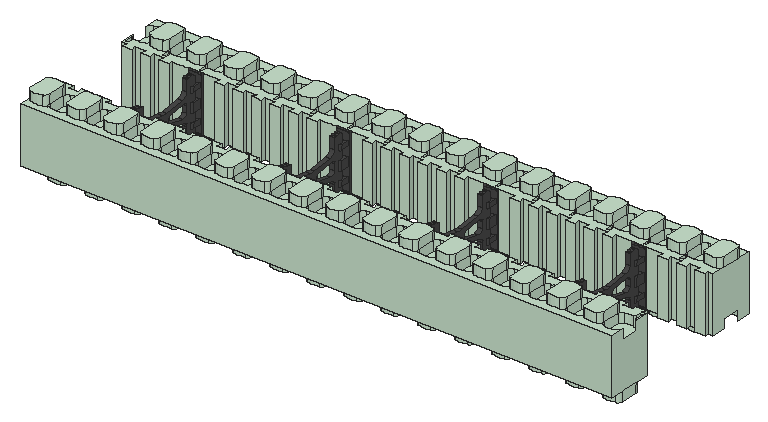
Revit family (continued)
Definition of nested family "NUDURA Height Adjuster Diamond Pattern"
  Lines and regions (in)
    model lines
      curve 34: line (3.81706, -5.625, 1.30178) -> (3.44206, -5.625, 0.92678)
      curve 35: arc (4.259, -5.625, 2.89017) -> (3.99384, -5.625, 3) -> (3.72867, -5.625, 2.89017) r 0.375
